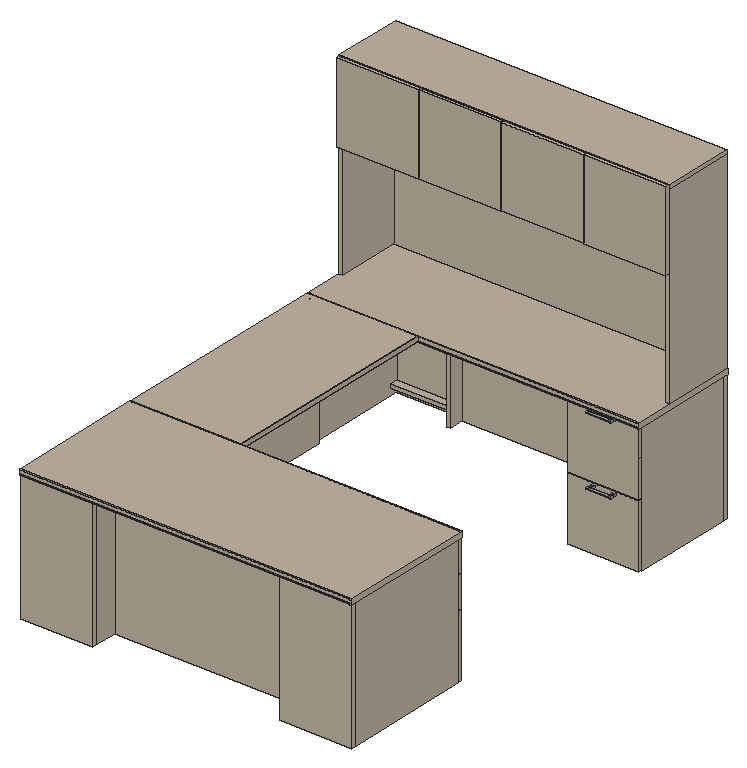
Revit family "JSI-Vision-Typical_Laminate-VST119", category Furniture, Revit 2020
Family settings
  OmniClass Number = 23.40.20.00
  OmniClass Title = General Furniture and Specialties
  Work Plane-Based = No
  Always vertical = Yes
  Cut with Voids When Loaded = No
  Shared = No
  Room Calculation Point = No
Parameters (values of type "VST119")
  URL = "www.jsifurniture.com"
  Type Comments = "Typical Laminate"  # constant formula
  Model = "VST119"
  Manufacturer = "JSI"  # constant formula
  Keynote = "12500"
  Default Elevation = 0"
  Assembly Code = "E2020200"
Reference planes (in)
  plane 1 "Center Front/Back": y = 0
  plane 2: z = 0
  plane 3 "Center Left/Right": x = 0
Dimensions and locks (in)
  aligned and locked: level to plane 2
Nested families (in)
  nested 1: "JSI-Vision-Overhead_Cabinets" at (0, 0, -0.813), type "VST1672SO, Laminate OH Cab. 16" x 72", 4 Doors"
    with Verticall Partition Distance 35 3/4", Unit Centre 36", Width 72", Door Width Actual 17 25/32", Door Array Spacing 17 29/32", Door Width 17 25/32", # of Doors 4
  nested 2: "JSI-Vision-File_File_Credenza" at (36.06413, -10.75, 0), type "VST2472RC, Laminate 24 x 72 FF Ped Credenza Right"
    with Width 72", Panel R 23 1/16", Panel L 23 3/4", Panel FF 56 1/4", LR no, Height 30", Grommet angle 270.00°, Panel B 15", Grommet 56 79/128", Depth chassis 24", Depth 24", FF 56 5/16"
  nested 3: "JSI-Vision-Single_Pedestal_Desk-Break_Front_Modesty" at (35.93587, -91.25, 0) x (-1, 0, 0) z (0, 0, 1), type "VST3072LD, Laminate 30 x 72 Left Ped Desk, Brk Frnt Modesty"
    with Width 72", Height 29.187", Panel FF 56 1/4"
  nested 4: "JSI-Vision-Bridge_Modesty_Panel" at (0, -72, 0) x (0, 1, 0) z (0, 0, 1), type "VST2448EB, Bridge w/Modesty Panel 24"d x 48"w"
Definition of nested family "JSI-Vision-Overhead_Cabinets"
  Parameters (values of type "Overhead Cab. Doors - Type Catalog Family")
    Verticall Partition Distance = (Door Width * 2) + 3/16"  # 29 13/16"
    Unit Centre = Width / 2  # 45"
    Top = none
    Width = 90"
    URL = "www.jsifurniture.com"
    Type Comments = ""
    Tag = "6 Doors"
    Series = "Vision Casegoods"  # constant formula
    Right Vertical Partition = yes
    Overhead Height = 26 1/2"
    OH Elevation = 30"
    Model = "Type Catalog"
    Material = ""
    Manufacturer = "JSI"  # constant formula
    Left Vertical Partition = yes
    Keynote = "12500"  # constant formula
    JSI Enviromental Website = "http://www.jsifurniture.com/jsi_sustainability_intro.php"
    Height = 42"
    Grommet Finish = none
    Gromett Height = OH Elevation + 24 5/8"  # 54 5/8"
    Door Width Actual = if(# of Doors > 4, ((Width - 1 1/8") / # of Doors), if(# of Doors > 3, (((Width - 1 1/8") / # of Doors) + 1/16"), if(# of Doors > 2, (((Width - 1 1/8") / # of Doors) + 1/8"), (((Width - 1 1/8") / # of Doors) + 1/4"))))  # 14 13/16"
    Door Array Spacing = Door Width + 1/8"  # 14 15/16"
    Door Width = Door Width Actual  # 14 13/16"
    Door Front = none
    Description = "Type Catalog"
    Depth = 16"
    Default Elevation = 0"
    Chassis = none
    Assembly Code = "E2020200"
    # of Doors = if(Width > 89", 6, (if(Width > 53", 4, (if(Width > 41", 3, (if(Width > 30", 2, 2)))))))  # 6
  Reference planes (in)
    plane 1 "Center Front/Back": y = 0
    plane 2: z = 0
    plane 3 "Center Left/Right": x = 0
    plane 4 "a": z = 0
    plane 5: y = -0.125
    plane 6: x = 90
    plane 7: x = 0.125
    plane 8: x = 89.875
    plane 9: y = -15.5625
    plane 10: y = -16
    plane 11: z = 72.5
    plane 12: z = 72
    plane 13: x = 0.875
    plane 14: x = 89.125
    plane 15: y = -0.875
    plane 16: y = -0.9375
    plane 17: y = -1.6875
    plane 18: z = 71.75
    plane 19: z = 56.5
    plane 20: z = 57.25
    plane 21: z = 55
    plane 22: y = -14.8125
    plane 23: y = -14.0625
    plane 24: x = 0.25
    plane 25: x = 89.75
    plane 26: z = 72.4375
    plane 27: z = 55.1875
    plane 28: y = -15.6875
    plane 29: y = -16.4375
    plane 30: x = 45
    plane 31: x = 30.0625
    plane 32: x = 59.9375
    plane 33: x = 29.6875
    plane 34: x = 30.4375
    plane 35: x = 59.5625
    plane 36: x = 60.3125
    plane 37 "Not a Reference": x = 6.875
    plane 38: x = 83.125
    plane 39: z = 30
  Forms (in)
    Extrusion 1, solid, material <- "Chassis"
      sketch origin (0, 0, 0) x (1, 0, 0) y (0, 1, 0)
        loop
          line (0.125, -0.125) -> (0.125, -15.5625) -> (0.875, -15.5625) -> (0.875, -0.125) -> (0.125, -0.125)
      from 30 to 71.75
    Extrusion 2, solid, material <- "Chassis"
      sketch origin (0, 0, 0) x (1, 0, 0) y (0, 1, 0)
        loop
          line (89.875, -0.125) -> (89.125, -0.125) -> (89.125, -15.5625) -> (89.875, -15.5625) -> (89.875, -0.125)
      from 30 to 71.75
    Extrusion 3, solid, material <- "Door Front"
      sketch origin (0, 0, 0) x (1, 0, 0) y (0, 0, 1)
        loop
          line (0.125, 72.5) -> (0.125, 71.75) -> (89.875, 71.75) -> (89.875, 72.5) -> (0.125, 72.5)
      from 0.125 to 15.5625
    Extrusion 4, solid, material <- "Chassis"
      sketch origin (0, 0, 0) x (1, 0, 0) y (0, 0, 1)
        loop
          line (0.875, 57.25) -> (0.875, 56.5) -> (89.125, 56.5) -> (89.125, 57.25) -> (0.875, 57.25)
      from 1.6875 to 15.5625
    Extrusion 5, solid, material <- "Chassis"
      sketch origin (0, 0, 0) x (1, 0, 0) y (0, 1, 0)
        loop
          line (0.875, -14.0625) -> (0.875, -14.8125) -> (89.125, -14.8125) -> (89.125, -14.0625) -> (0.875, -14.0625)
      from 55 to 56.5
    Extrusion 6, solid, material <- "Door Front"
      sketch origin (-3, 0, 18) x (1, 0, 0) y (0, 1, 0)
        loop
          line (3.25, -15.6875) -> (3.25, -16.4375) -> (18.0625, -16.4375) -> (18.0625, -15.6875) -> (3.25, -15.6875)
      from 37.1875 to 54.4375
    Extrusion 7, solid, material <- "Door Front"
      sketch origin (11.9375, 0, 18) x (1, 0, 0) y (0, 1, 0)
        loop
          line (3.25, -15.6875) -> (3.25, -16.4375) -> (18.0625, -16.4375) -> (18.0625, -15.6875) -> (3.25, -15.6875)
      from 37.1875 to 54.4375
    Extrusion 8, solid, material <- "Chassis", visible <- "Left Vertical Partition"
      sketch origin (0, 0, 0) x (1, 0, 0) y (0, 1, 0)
        loop
          line (29.6875, -1.6875) -> (29.6875, -15.5625) -> (30.4375, -15.5625) -> (30.4375, -1.6875) -> (29.6875, -1.6875)
      from 57.25 to 71.75
    Extrusion 9, solid, material <- "Chassis", visible <- "Right Vertical Partition"
      sketch origin (0, 0, 0) x (1, 0, 0) y (0, 1, 0)
        loop
          line (59.5625, -1.6875) -> (59.5625, -15.5625) -> (60.3125, -15.5625) -> (60.3125, -1.6875) -> (59.5625, -1.6875)
      from 57.25 to 71.75
    Extrusion 10, solid, material <- "Chassis"
      sketch origin (130.61992, -0.9375, 48) x (1, 0, 0) y (0, 0, 1)
        loop
          line (-129.74492, 23.75) -> (-129.74492, -18) -> (-41.49492, -18) -> (-41.49492, 23.75) -> (-129.74492, 23.75)
        loop
          circle (-120.11946, 7.90657) r 0.33443
        loop
          circle (-51.12039, 7.90657) r 0.33443
      from 0 to 0.75
    Extrusion 11, solid, material <- "Door Front"
      sketch origin (26.875, 0, 18) x (1, 0, 0) y (0, 1, 0)
        loop
          line (3.25, -15.6875) -> (3.25, -16.4375) -> (18.0625, -16.4375) -> (18.0625, -15.6875) -> (3.25, -15.6875)
      from 37.1875 to 54.4375
    Extrusion 12, solid, material <- "Door Front"
      sketch origin (41.8125, 0, 18) x (1, 0, 0) y (0, 1, 0)
        loop
          line (3.25, -15.6875) -> (3.25, -16.4375) -> (18.0625, -16.4375) -> (18.0625, -15.6875) -> (3.25, -15.6875)
      from 37.1875 to 54.4375
    Extrusion 13, solid, material <- "Door Front"
      sketch origin (56.75, 0, 18) x (1, 0, 0) y (0, 1, 0)
        loop
          line (3.25, -15.6875) -> (3.25, -16.4375) -> (18.0625, -16.4375) -> (18.0625, -15.6875) -> (3.25, -15.6875)
      from 37.1875 to 54.4375
    Extrusion 14, solid, material <- "Door Front"
      sketch origin (71.6875, 0, 18) x (1, 0, 0) y (0, 1, 0)
        loop
          line (3.25, -15.6875) -> (3.25, -16.4375) -> (18.0625, -16.4375) -> (18.0625, -15.6875) -> (3.25, -15.6875)
      from 37.1875 to 54.4375
  Lines and regions (in)
    symbolic lines
      curve 1: line (0.125, -0.125, 0) -> (0.125, -15.5625, 0)
      curve 2: line (89.875, -0.125, 0) -> (0.125, -0.125, 0)
      curve 3: line (0.125, -15.5625, 0) -> (89.875, -15.5625, 0)
      curve 4: line (89.875, -15.5625, 0) -> (89.875, -0.125, 0)
      curve 5: line (0.25, -15.6875, 0) -> (15.0625, -15.6875, 0)
      curve 6: line (0.25, -16.4375, 0) -> (0.25, -15.6875, 0)
      curve 7: line (15.0625, -16.4375, 0) -> (0.25, -16.4375, 0)
      curve 8: line (15.0625, -15.6875, 0) -> (15.0625, -16.4375, 0)
      curve 9: line (15.1875, -15.6875, 0) -> (30, -15.6875, 0)
      curve 10: line (15.1875, -16.4375, 0) -> (15.1875, -15.6875, 0)
      curve 11: line (30, -16.4375, 0) -> (15.1875, -16.4375, 0)
      curve 12: line (30, -15.6875, 0) -> (30, -16.4375, 0)
      curve 13: line (30.125, -15.6875, 0) -> (44.9375, -15.6875, 0)
      curve 14: line (30.125, -16.4375, 0) -> (30.125, -15.6875, 0)
      curve 15: line (44.9375, -16.4375, 0) -> (30.125, -16.4375, 0)
      curve 16: line (44.9375, -15.6875, 0) -> (44.9375, -16.4375, 0)
      curve 17: line (45.0625, -15.6875, 0) -> (59.875, -15.6875, 0)
      curve 18: line (45.0625, -16.4375, 0) -> (45.0625, -15.6875, 0)
      curve 19: line (59.875, -16.4375, 0) -> (45.0625, -16.4375, 0)
      curve 20: line (59.875, -15.6875, 0) -> (59.875, -16.4375, 0)
      curve 21: line (60, -15.6875, 0) -> (74.8125, -15.6875, 0)
      curve 22: line (60, -16.4375, 0) -> (60, -15.6875, 0)
      curve 23: line (74.8125, -16.4375, 0) -> (60, -16.4375, 0)
      curve 24: line (74.8125, -15.6875, 0) -> (74.8125, -16.4375, 0)
      curve 25: line (74.9375, -15.6875, 0) -> (89.75, -15.6875, 0)
      curve 26: line (74.9375, -16.4375, 0) -> (74.9375, -15.6875, 0)
      curve 27: line (89.75, -16.4375, 0) -> (74.9375, -16.4375, 0)
      curve 28: line (89.75, -15.6875, 0) -> (89.75, -16.4375, 0)
  Dimensions and locks (in)
    plane 3 "Center Left/Right" to plane 7 to plane 24 = 1/8" locked, 1/8" locked
    plane 25 to plane 8 to plane 6 = 1/8" locked, 1/8" locked
    locked: plane 5 to plane 1 "Center Front/Back" at 0.125
    plane 10 to plane 9 to plane 22 to plane 23 = 7/16" locked, 3/4" locked, 3/4" locked
    "Width": plane 3 "Center Left/Right" to plane 6
    "Depth": plane 10 to plane 1 "Center Front/Back"
    locked: plane 11 to plane 12 at 0.5
    locked: plane 7 to plane 13 at 0.75
    locked: plane 14 to plane 8 at 0.75
    locked: plane 15 to plane 5 at 0.75
    plane 17 to plane 16 to plane 5 = 3/4" locked, 13/16" locked
    locked: plane 11 to plane 18 at 0.75
    plane 20 to plane 19 to plane 21 = 3/4" locked, 1 1/2" locked
    plane 18 to plane 20 = 14 1/2"
    locked: plane 11 to plane 26 at 0.0625
    locked: plane 27 to plane 21 at 0.1875
    plane 29 to plane 28 to plane 9 = 3/4" locked, 1/8" locked
    "Door Width": Extrusion 6 sketch curve to Extrusion 6 sketch curve
    "Door Width": Extrusion 7 sketch curve to Extrusion 7 sketch curve
    equal spacing: group 1, group 2, group 3, group 4, group 5, group 6  (x3)
    "Door Array Spacing": Extrusion 6 to Extrusion 7
    "Verticall Partition Distance": plane 24 to plane 31
    plane 33 to plane 31 to plane 34 = 3/8" locked, 3/8" locked
    plane 35 to plane 32 to plane 36 = 3/8" locked, 3/8" locked
    "Verticall Partition Distance": plane 32 to plane 25
    "Unit Centre": plane 3 "Center Left/Right" to plane 30
    locked: plane 13 to plane 37 "Not a Reference" at 6
    locked: plane 38 to plane 14 at 6
    "Door Width": Extrusion 11 sketch curve to Extrusion 11 sketch curve
    "Door Width": Extrusion 12 sketch curve to Extrusion 12 sketch curve
    "OH Elevation": plane 39 to plane 4 "a"
    "Height": plane 12 to plane 39
    "Overhead Height": plane 19 to plane 39
    "Door Width": Extrusion 13 sketch curve to Extrusion 13 sketch curve
    "Door Width": Extrusion 14 sketch curve to Extrusion 14 sketch curve
    locked: Extrusion 10 sketch curve to Extrusion 10 sketch curve at 9.62546  (x2)
    locked: Extrusion 10 sketch curve to Extrusion 10 sketch curve at 15.84343  (x2)
    aligned and locked: level to plane 2
    aligned and locked: plane 5 to Extrusion 1 sketch curve
    aligned and locked: plane 7 to Extrusion 1 sketch curve
    aligned and locked: Extrusion 1 sketch curve to plane 13
    aligned and locked: Extrusion 2 sketch curve to plane 5
    aligned and locked: plane 8 to Extrusion 2 sketch curve
    aligned and locked: Extrusion 2 sketch curve to plane 14
    aligned and locked: Extrusion 3 sketch curve to plane 11
    aligned and locked: plane 7 to Extrusion 3 sketch curve
    aligned and locked: Extrusion 3 to plane 5
    aligned and locked: plane 9 to Extrusion 1
    aligned and locked: plane 9 to Extrusion 2
    aligned and locked: plane 9 to Extrusion 3
    aligned and locked: Extrusion 4 sketch curve to plane 20
    aligned and locked: plane 13 to Extrusion 4 sketch curve
    aligned and locked: plane 19 to Extrusion 4 sketch curve
    aligned and locked: Extrusion 4 sketch curve to plane 14
    aligned and locked: Extrusion 4 to plane 17
    aligned and locked: plane 9 to Extrusion 4
    aligned and locked: plane 23 to Extrusion 5 sketch curve
    aligned and locked: plane 13 to Extrusion 5 sketch curve
    aligned and locked: Extrusion 5 sketch curve to plane 22
    aligned and locked: Extrusion 5 sketch curve to plane 14
    aligned and locked: plane 19 to Extrusion 5
    aligned and locked: Extrusion 5 to plane 21
    aligned and locked: plane 26 to Extrusion 6
    aligned and locked: Extrusion 6 to plane 24
    aligned and locked: plane 17 to Extrusion 8 sketch curve
    aligned and locked: plane 33 to Extrusion 8 sketch curve
    aligned and locked: Extrusion 8 sketch curve to plane 9
    aligned and locked: Extrusion 8 sketch curve to plane 34
    aligned and locked: plane 17 to Extrusion 9 sketch curve
    aligned and locked: plane 35 to Extrusion 9 sketch curve
    aligned and locked: Extrusion 9 sketch curve to plane 9
    aligned and locked: Extrusion 9 sketch curve to plane 36
    aligned and locked: plane 18 to Extrusion 8
    aligned and locked: Extrusion 8 to plane 20
    aligned and locked: plane 18 to Extrusion 9
    aligned and locked: Extrusion 9 to plane 20
    aligned and locked: Extrusion 1 to Extrusion 10 sketch curve
    aligned and locked: Extrusion 10 sketch curve to Extrusion 1
    aligned and locked: Extrusion 2 to Extrusion 10 sketch curve
    aligned and locked: Extrusion 10 to plane 16
    aligned and locked: plane 17 to Extrusion 10
    aligned and locked: plane 30 to nested 1
    aligned and locked: plane 29 to nested 1
    aligned and locked: plane 26 to Extrusion 7
    aligned and locked: plane 18 to Extrusion 1
    aligned and locked: plane 18 to Extrusion 2
    aligned and locked: Extrusion 6 to plane 27
    aligned and locked: curve 1 to Extrusion 3
    aligned and locked: curve 2 to Extrusion 3
    aligned and locked: curve 3 to Extrusion 3
    aligned and locked: curve 4 to Extrusion 3
    aligned and locked: Extrusion 1 to plane 39
    aligned and locked: Extrusion 2 to plane 39
    aligned and locked: curve 5 to Extrusion 6
    aligned and locked: curve 6 to Extrusion 6
    aligned and locked: curve 7 to Extrusion 6
    aligned and locked: curve 8 to Extrusion 6
    aligned and locked: curve 9 to Extrusion 7
    aligned and locked: curve 10 to Extrusion 7
    aligned and locked: curve 11 to Extrusion 7
    aligned and locked: curve 12 to Extrusion 7
    aligned and locked: curve 13 to Extrusion 11
    aligned and locked: curve 14 to Extrusion 11
    aligned and locked: curve 15 to Extrusion 11
    aligned and locked: curve 16 to Extrusion 11
    aligned and locked: curve 17 to Extrusion 12
    aligned and locked: curve 18 to Extrusion 12
    aligned and locked: curve 19 to Extrusion 12
    aligned and locked: curve 20 to Extrusion 12
    aligned and locked: curve 21 to Extrusion 13
    aligned and locked: curve 22 to Extrusion 13
    aligned and locked: curve 23 to Extrusion 13
    aligned and locked: curve 24 to Extrusion 13
    aligned and locked: curve 25 to Extrusion 14
    aligned and locked: curve 26 to Extrusion 14
    aligned and locked: curve 27 to Extrusion 14
    aligned and locked: curve 28 to Extrusion 14
  Automatic sketch dimensions
    Extrusion 1 sketch curve to plane 10 = 7/16"
    Extrusion 3 sketch curve to plane 8 = 0"
    Extrusion 3 sketch curve to plane 18 = 0"
    plane 9 to Extrusion 2 sketch curve = 0"
    Extrusion 6 sketch curve to Extrusion 6 sketch curve = 3/4"
    Extrusion 7 sketch curve to Extrusion 7 sketch curve = 3/4"
    Extrusion 11 sketch curve to Extrusion 11 sketch curve = 3/4"
    Extrusion 12 sketch curve to Extrusion 12 sketch curve = 3/4"
    curve 6 to curve 7 = 14 13/16"
    curve 6 to curve 6 = 3/4"
    curve 10 to curve 11 = 14 13/16"
    curve 10 to curve 10 = 3/4"
    curve 14 to curve 15 = 14 13/16"
    curve 14 to curve 14 = 3/4"
    curve 18 to curve 19 = 14 13/16"
    curve 18 to curve 18 = 3/4"
    Extrusion 13 sketch curve to Extrusion 13 sketch curve = 3/4"
    curve 22 to curve 23 = 14 13/16"
    curve 22 to curve 22 = 3/4"
    Extrusion 14 sketch curve to Extrusion 14 sketch curve = 3/4"
    curve 26 to curve 27 = 14 13/16"
    curve 26 to curve 26 = 3/4"
    Extrusion 10 sketch curve to plane 39 = 0"
    radius of Extrusion 10 sketch curve = 0.33443"  (x2)
  Nested families (in)
    nested 1: "Label 1-16 OH" at (45, -16.4375, 0), type "OH DOORS"
  Definition of nested family "Label 1-16 OH"
    Parameters
      Width = 1"
      Model Name = "XX"
    Reference planes (in)
      plane 1: y = 0
      plane 2: x = 0
    Text (in)
      label "XX" at (0.00051, -0.12324, 0), shows "Model Name"
Definition of nested family "JSI-Vision-File_File_Credenza"
  Parameters (values of type "Type Catalog")
    Worksurface = none
    Width = 60"
    URL = "www.jsifurniture.com"
    Type Comments = ""
    Tag = "FF"  # constant formula
    Series = "Vision Casegoods"  # constant formula
    Pull Finish = none
    Panel R = if(LR, Depth - 1/4", Depth - 15/16")  # 19 3/4"
    Panel L = if(LR, Depth - 15/16", Depth - 1/4")  # 19 1/16"
    Panel FF = if(LR, 15", Width - 15 3/4")  # 15"
    Model = "Type Catalog"
    Material = ""
    Manufacturer = "JSI"  # constant formula
    LR = yes
    Keynote = "12500"
    JSI Enviromental Website = "http://www.jsifurniture.com/jsi_sustainability_intro.php"
    Height = 29 3/16"
    Grommet angle = if(LR, 90.00°, 270.00°)  # 90.00°
    Grommet Finish = none
    Panel B = if(LR, Width - 15 3/4", 15")  # 44 1/4"
    Grommet = if(LR, 14 1/2", Width - 15 49/128")  # 14 1/2"
    Drawer Front = none
    Description = "Type Catalog"
    Depth chassis = Depth  # 20"
    Depth = 20"
    Default Elevation = 0"
    Chassis = none
    FF = if(LR, 3/16", Width - 15 3/4" + 1/16")  # 3/16"
    Assembly Code = "E2020200"
  Reference planes (in)
    plane 1: z = 0
    plane 2 "Center (Left/Right)": x = -36.06413
    plane 3: z = 29.1875
    plane 4: z = 28
    plane 5: y = -9.25
    plane 6 "Center (Front/Back)": y = 10.75
    plane 7: y = 10.625
    plane 8: y = 10.75
    plane 9: x = -6.06413
    plane 10: x = 23.93587
    plane 11: y = 10.56003
    plane 12: x = -20.31413
    plane 13: x = 8.18587
    plane 14: y = -8.37
    plane 15: x = 15.93587
    plane 16: x = -28.12663
    plane 17: x = 23.81086
    plane 18: x = -35.93913
    plane 19: y = 8.875
    plane 20: y = 4.875
    plane 21: y = 9.8125
    plane 22: y = -8.31113
    plane 23: x = 8.18587
    plane 24: x = -35.87663
    plane 25: x = -20.37636
    plane 26: x = 23.68487
    plane 27: x = -21.56413
    plane 28: y = 6.875
    plane 29: y = -9
    plane 30: y = -8.3125
  Forms (in)
    Extrusion 1, solid, material <- "Worksurface"
      sketch origin (0, 0, -0.8125) x (1, 0, 0) y (0, 1, 0)
        loop
          line (-36.06413, -9.125) -> (23.93587, -9.125) -> (23.93587, 10.625) -> (-36.06413, 10.625) -> (-36.06413, -9.125)
      from 28.8125 to 30
    Extrusion 2, solid, material <- "Drawer Front"
      sketch origin (-0.00163, 0.13, 0) x (1, 0, 0) y (0, 0, 1)
        loop
          line (-35.875, 27.875) -> (-35.875, 21.26593) -> (-35.875, 14.062) -> (-20.37473, 14.062) -> (-20.37473, 21.26593) -> (-20.37473, 27.875) -> (-35.875, 27.875)
        loop
          line (-35.875, 13.937) -> (-35.875, 0.14) -> (-20.37473, 0.14) -> (-20.37473, 13.937) -> (-35.875, 13.937)
      from 8.5 to 9.25
    Extrusion 3, solid, material <- "Chassis"
      sketch origin (-0.06413, 0, 0) x (0, 1, 0) y (0, 0, 1)
        loop
          line (-8.3125, 28) -> (-8.3125, 0) -> (9.81003, 0) -> (9.81003, 28) -> (-8.3125, 28)
      from -35.875 to -35.125
    Extrusion 4, solid, material <- "Chassis"
      sketch origin (-0.06413, 0.034, 0) x (1, 0, 0) y (0, 0, 1)
        loop
          line (-35.125, 1.9375) -> (-35.125, 0) -> (-21, 0) -> (-21, 1.9375) -> (-35.125, 1.9375)
      from 7.59513 to 8.34513
    Extrusion 5, solid, material <- "Chassis"
      sketch origin (-0.06029, 0, 0) x (0, 1, 0) y (0, 0, -1)
        loop
          line (-9, -28) -> (9.8125, -28) -> (9.8125, 0) -> (-9, 0) -> (-9, -28)
      from -23.87116 to -23.12116
    Sweep 6, solid, material <- "Worksurface"
      path in 3D
        loop
          line (-36.06413, -9.125, 29.1875) -> (23.93587, -9.125, 29.1875)
      profile origin (-6.06413, -9.125, 29.1875) x (0, 1, 0) y (0, 0, 1)
        loop
          arc (0, 0) -> (-0.08839, -0.03661) -> (-0.125, -0.125) r 0.125
          line (-0.125, -0.125) -> (-0.125, -1.0625)
          arc (-0.125, -1.0625) -> (-0.08839, -1.15089) -> (0, -1.1875) r 0.125
          line (0, -1.1875) -> (0, 0)
    Extrusion 7, solid, material <- "Chassis"
      sketch origin (-0.06413, 28.15516, 0) x (1, 0, 0) y (0, 0, 1)
        loop
          line (-35.875, 28) -> (-35.875, 0) -> (-20.25, 0) -> (-20.25, 28) -> (-35.875, 28)
      from 17.59513 to 18.34266
    Extrusion 8, solid, material <- "Chassis"
      sketch origin (57.45899, 0, 0) x (0, 1, 0) y (0, 0, -1)
        loop
          line (-8.31113, -28) -> (9.8125, -28) -> (9.8125, 0) -> (-8.31113, 0) -> (-8.31113, -28)
      from 77.77312 to 78.52312
    Extrusion 9, solid, material <- "Chassis"
      sketch origin (-0.06413, 28.15516, 0) x (-1, 0, 0) y (0, 0, -1)
        loop
          line (-23.875, -28) -> (-8.25, -28) -> (-8.25, 0) -> (-23.875, 0) -> (-23.875, -28)
      from 17.59513 to 18.34266
    Sweep 10, solid, material <- "Worksurface"
      path in 3D
        loop
          line (23.93587, 10.625, 29.1875) -> (-36.06413, 10.625, 29.1875)
      profile origin (-6.06413, 10.625, 29.1875) x (0, -1, 0) y (0, 0, 1)
        loop
          arc (0, 0) -> (-0.08839, -0.03661) -> (-0.125, -0.125) r 0.125
          line (-0.125, -0.125) -> (-0.125, -1.0625)
          arc (-0.125, -1.0625) -> (-0.08839, -1.15089) -> (0, -1.1875) r 0.125
          line (0, -1.1875) -> (0, 0)
    Extrusion 11, solid, material <- "Chassis"
      sketch origin (0, 0, 0) x (1, 0, 0) y (0, 0, 1)
        loop
          line (8.93587, 2.5) -> (8.93587, 1.75) -> (23.06086, 1.75) -> (23.06086, 2.5) -> (8.93587, 2.5)
      from -9.8125 to -7.9375
    Extrusion 12, solid, material <- "Chassis"
      sketch origin (0, 0, 0) x (0, 1, 0) y (0, 0, 1)
        loop
          line (9.8125, 28) -> (5.875, 28) -> (5.875, 0) -> (9.8125, 0) -> (9.8125, 28)
      from 8.18587 to 8.93587
    Extrusion 13, solid, material <- "Chassis"
      sketch origin (-12.12827, 0, 0) x (-1, 0, 0) y (0, 0, -1)
        loop
          line (8.93587, -2.5) -> (23.06086, -2.5) -> (23.06086, -1.75) -> (8.93587, -1.75) -> (8.93587, -2.5)
      from -9.8125 to -7.9375
    Extrusion 14, solid, material <- "Chassis"
      sketch origin (0, 0.03248, 0) x (1, 0, 0) y (0, 0, 1)
        loop
          line (-6.49921, 28) -> (-20.31413, 28) -> (-20.31413, 0) -> (8.18587, 0) -> (8.18587, 28) -> (-6.49921, 28)
      from -9.78002 to -9.03002
  Cuts and joins
    joined: Extrusion 1, Sweep 6, Sweep 10
  Lines and regions (in)
    sketch lines
      curve 1: line (-36.06413, -9.125, 29.1875) -> (23.93587, -9.125, 29.1875)
      curve 10: line (23.93587, 10.625, 29.1875) -> (-36.06413, 10.625, 29.1875)
    symbolic lines
      curve 2: line (23.93587, -9.25, 0) -> (-36.06413, -9.25, 0)
      curve 3: line (23.93587, -9.25, 0) -> (23.93587, 10.75, 0)
      curve 4: line (-36.06413, 10.75, 0) -> (-36.06413, -9.25, 0)
      curve 5: line (-20.31413, 10.56003, 0) -> (-35.93913, 10.56003, 0)
      curve 6: line (-20.37636, -8.37, 0) -> (-35.87663, -8.37, 0)
      curve 7: line (-20.37636, -9.12, 0) -> (-20.37636, -8.37, 0)
      curve 8: line (-35.87663, -9.12, 0) -> (-20.37636, -9.12, 0)
      curve 9: line (-35.87663, -8.37, 0) -> (-35.87663, -9.12, 0)
      curve 11: line (-36.06413, 10.75, 0) -> (23.93587, 10.75, 0)
      curve 12: line (-20.31413, -8.31113, 0) -> (-20.31413, 9.8125, 0)
      curve 13: line (-21.06413, -8.31113, 0) -> (-20.31413, -8.31113, 0)
      curve 14: line (23.81086, 10.56003, 0) -> (8.18587, 10.56003, 0)
      curve 15: line (8.18587, 10.56003, 0) -> (8.18587, 9.8125, 0)
      curve 16: line (8.18587, 9.8125, 0) -> (8.18587, 5.875, 0)
      curve 17: line (8.18587, 5.875, 0) -> (8.93587, 5.875, 0)
      curve 18: line (8.93587, 5.875, 0) -> (8.93587, 9.8125, 0)
      curve 19: line (-35.93913, -8.3125, 0) -> (-35.18913, -8.3125, 0)
      curve 20: line (-35.18913, -8.3125, 0) -> (-35.18913, 9.8125, 0)
      curve 21: line (-35.93913, 10.56003, 0) -> (-35.93913, -8.3125, 0)
      curve 22: line (23.06086, 9.8125, 0) -> (23.06086, -9, 0)
      curve 23: line (23.81086, -9, 0) -> (23.81086, 10.56003, 0)
      curve 24: line (23.06086, -9, 0) -> (23.81086, -9, 0)
      curve 25: line (-20.31413, 9.8125, 0) -> (-20.31413, 10.56003, 0)
      curve 26: line (-21.06413, 9.8125, 0) -> (-21.06413, -8.31113, 0)
      curve 27: line (23.81086, 9.8125, 0) -> (-35.93913, 9.8125, 0)
  Dimensions and locks (in)
    "Height": plane 3 to level
    locked: plane 3 to plane 4 at 1.1875
    "Depth": plane 6 "Center (Front/Back)" to plane 5
    locked: plane 7 to plane 6 "Center (Front/Back)" at 0.125
    equal spacing: plane 2 "Center (Left/Right)", plane 9, plane 10
    "Width": plane 2 "Center (Left/Right)" to plane 10
    locked: plane 8 to plane 11 at 0.18997
    "Depth chassis": plane 8 to plane 5
    locked: plane 2 "Center (Left/Right)" to plane 12 at 15.75
    locked: plane 13 to plane 10 at 15.75
    locked: Extrusion 4 to plane 14 at 0.80887
    locked: plane 14 to plane 5 at 0.88
    locked: plane 17 to plane 10 at 0.125
    locked: Extrusion 5 to Extrusion 5 at 0.75
    locked: Extrusion 3 to Extrusion 3 at 0.75
    locked: plane 19 to plane 20 at 4
    plane 22 to plane 5 = 0.93887"
    locked: plane 8 to plane 21 at 0.9375
    "Panel B": plane 2 "Center (Left/Right)" to plane 23
    locked: plane 23 to plane 15 at 7.75
    "FF": plane 2 "Center (Left/Right)" to plane 24
    locked: Extrusion 4 to Extrusion 4 at 0.75
    locked: plane 24 to plane 16 at 7.75
    locked: Extrusion 2 to Extrusion 2 at 0.75
    plane 8 to plane 20 = 5 7/8"
    Extrusion 7 to Extrusion 7 = 0.74753"
    Extrusion 8 to Extrusion 8 = 3/4"
    Extrusion 9 to Extrusion 9 = 0.74753"
    locked: plane 24 to plane 25 at 15.50027
    locked: plane 23 to plane 26 at 15.499
    plane 24 to Extrusion 4 to Extrusion 4 = 11/16" locked, 14 1/8" locked
    "Panel FF": plane 2 "Center (Left/Right)" to Extrusion 8
    locked: Extrusion 8 to Extrusion 8 at 0.75
    "Grommet": plane 2 "Center (Left/Right)" to plane 27
    equal spacing: plane 19, plane 28, plane 20
    "Panel B": plane 2 "Center (Left/Right)" to Extrusion 12
    locked: Extrusion 12 to Extrusion 12 at 3.9375
    locked: Extrusion 12 to Extrusion 12 at 0.75
    locked: Extrusion 11 to Extrusion 11 at 14.125
    locked: Extrusion 13 to Extrusion 13 at 14.125  (x2)
    locked: Extrusion 14 to Extrusion 14 at 0.75
    "Panel R": plane 29 to plane 6 "Center (Front/Back)"
    "Panel L": plane 8 to plane 30
    Extrusion 2 sketch curve to Extrusion 2 sketch curve to Extrusion 2 sketch curve to plane 1 = 1/8", 13.797", 0.14" locked
    locked: plane 4 to Extrusion 2 sketch curve at 0.125
    locked: nested 1 to plane 1 at 13.18529
    locked: plane 4 to nested 2 at 0.875
    locked: plane 3 to plane 1 at 29.1875
    aligned and locked: level to plane 1
    aligned and locked: Extrusion 3 to Extrusion 4
    aligned and locked: plane 17 to Extrusion 5
    aligned and locked: Extrusion 3 to plane 18
    aligned and locked: Extrusion 4 to plane 22
    aligned and locked: Extrusion 4 to level
    aligned and locked: nested 2 to plane 16
    aligned and locked: nested 1 to plane 16
    aligned and locked: Extrusion 7 to plane 12
    aligned and locked: plane 4 to Extrusion 7
    aligned and locked: Extrusion 7 to plane 18
    aligned and locked: plane 18 to Extrusion 3
    aligned and locked: plane 11 to Extrusion 7
    aligned and locked: plane 22 to Extrusion 4
    aligned and locked: Extrusion 8 to plane 22
    aligned and locked: Extrusion 9 to plane 13
    aligned and locked: plane 17 to Extrusion 9
    aligned and locked: Extrusion 5 to plane 17
    aligned and locked: curve 5 to Extrusion 7
    aligned and locked: Extrusion 1 to plane 7
    aligned and locked: plane 11 to Extrusion 9
    aligned and locked: curve 3 to cut or joined group of Extrusion 1, Sweep 6, Sweep 10
    aligned and locked: curve 12 to Extrusion 8
    aligned and locked: curve 13 to Extrusion 8
    aligned and locked: plane 21 to Extrusion 9
    aligned and locked: plane 21 to Extrusion 12
    aligned and locked: plane 21 to Extrusion 11
    aligned and locked: Extrusion 11 to Extrusion 5
    aligned and locked: Extrusion 13 to Extrusion 3
    aligned and locked: curve 14 to Extrusion 9
    aligned and locked: curve 15 to Extrusion 9
    aligned and locked: Extrusion 12 to curve 16
    aligned and locked: curve 17 to Extrusion 12
    aligned and locked: curve 18 to Extrusion 12
    aligned and locked: Extrusion 3 to plane 30
    aligned and locked: curve 19 to Extrusion 3
    aligned and locked: curve 20 to Extrusion 3
    aligned and locked: curve 21 to Extrusion 3
    aligned and locked: Extrusion 5 to plane 29
    aligned and locked: curve 22 to Extrusion 5
    aligned and locked: curve 23 to Extrusion 5
    aligned and locked: curve 24 to Extrusion 5
    aligned and locked: curve 25 to Extrusion 7
    aligned and locked: plane 21 to Extrusion 8
    aligned and locked: plane 21 to Extrusion 5
    aligned and locked: Extrusion 7 to plane 21
    aligned and locked: curve 26 to Extrusion 8
    aligned and locked: nested 3 to plane 16
    aligned and locked: nested 3 to plane 5
    aligned and locked: curve 27 to Extrusion 14
    aligned and locked: plane 14 to Extrusion 2
    aligned and locked: Extrusion 2 to plane 14
    aligned and locked: Extrusion 2 to nested 1
    aligned and locked: Extrusion 2 to nested 2
  Automatic sketch dimensions
    Extrusion 1 sketch curve to plane 2 "Center (Left/Right)" = 0"
    Extrusion 1 sketch curve to plane 10 = 0"
    plane 7 to Extrusion 1 sketch curve = 0"
    plane 5 to Extrusion 1 sketch curve = 1/8"
    Extrusion 2 sketch curve to plane 24 = 0"  (x2)
    Extrusion 2 sketch curve to plane 25 = 0"  (x2)
    Extrusion 2 sketch curve to plane 4 = 6.73407"  (x2)
    Extrusion 3 sketch curve to plane 4 = 0"
    Extrusion 3 sketch curve to plane 22 = 0.00137"
    Extrusion 3 sketch curve to level = 0"
    Extrusion 3 sketch curve to plane 21 = 0.00247"
    Extrusion 4 sketch curve to level = 0"
    plane 27 to Extrusion 4 sketch curve = 13 5/8"
    Extrusion 4 sketch curve to plane 25 = 0.68777"
    level to Extrusion 4 sketch curve = 1 15/16"
    Extrusion 5 sketch curve to plane 4 = 0"
    Extrusion 5 sketch curve to plane 22 = 0.68887"
    Extrusion 5 sketch curve to level = 0"
    Extrusion 5 sketch curve to plane 21 = 0"
    Sweep 6 sketch curve to profile plane = 0"  (x2)
    profile plane to Sweep 6 sketch curve = 1/8"
    Sweep 6 sketch curve to Sweep 6 sketch curve = 15/16"
    Extrusion 7 sketch curve to level = 0"
    plane 18 to Extrusion 7 sketch curve = 0"
    plane 12 to Extrusion 7 sketch curve = 0"
    Extrusion 7 sketch curve to plane 4 = 0"
    Extrusion 8 sketch curve to plane 22 = 0"
    Extrusion 8 sketch curve to level = 0"
    Extrusion 8 sketch curve to plane 21 = 0"
    Extrusion 9 sketch curve to level = 0"
    Extrusion 9 sketch curve to plane 17 = 0"
    Extrusion 9 sketch curve to plane 13 = 0"
    Extrusion 9 sketch curve to plane 4 = 0"
    Sweep 10 sketch curve to profile plane = 0"  (x2)
    profile plane to Sweep 10 sketch curve = 1/8"
    Sweep 10 sketch curve to Sweep 10 sketch curve = 15/16"
    Extrusion 11 sketch curve to plane 27 = 30 1/2"
    plane 25 to Extrusion 11 sketch curve = 43.43723"
    level to Extrusion 11 sketch curve = 1 3/4"
    Extrusion 11 sketch curve to Extrusion 11 sketch curve = 3/4"
    Extrusion 12 sketch curve to level = 0"
    Extrusion 12 sketch curve to plane 21 = 0"
    Extrusion 12 sketch curve to plane 28 = 1"
    plane 4 to Extrusion 12 sketch curve = 0"
    Extrusion 13 sketch curve to plane 23 = 29 1/4"
    Extrusion 13 sketch curve to plane 18 = 3/4"
    level to Extrusion 13 sketch curve = 2 1/2"
    Extrusion 13 sketch curve to Extrusion 13 sketch curve = 3/4"
    Extrusion 14 sketch curve to level = 0"
    Extrusion 14 sketch curve to plane 4 = 0"
    Extrusion 14 sketch curve to plane 13 = 0"
    plane 9 to Extrusion 14 sketch curve = 0.43507"
    plane 12 to Extrusion 14 sketch curve = 0"
    curve 2 to plane 2 "Center (Left/Right)" = 0"
    curve 27 to plane 18 = 0"
    curve 9 to plane 14 = 0"
    curve 9 to plane 24 = 0"
    curve 20 to plane 30 = 0"
    curve 26 to plane 22 = 0"
    curve 7 to plane 25 = 0"
    curve 5 to plane 11 = 0"
    curve 5 to plane 12 = 0"
    curve 16 to plane 23 = 0"
    curve 15 to plane 11 = 0"
    curve 15 to plane 13 = 0"
    curve 24 to plane 29 = 0"
    curve 24 to plane 17 = 0"
    curve 2 to plane 5 = 0"
    plane 6 "Center (Front/Back)" to curve 11 = 0"
    plane 24 to curve 20 = 11/16"
    curve 26 to plane 27 = 1/2"
    plane 12 to curve 13 = 0"
    plane 13 to curve 17 = 3/4"
    curve 24 to plane 26 = 0.624"
    curve 8 to plane 29 = 0.12"
    curve 17 to plane 28 = 1"
    curve 25 to plane 21 = 0"
    Extrusion 8 sketch curve to plane 4 = 0"
  Nested families (in)
    nested 1: "Bar Pull" at (-28.12663, -9.12, 13.18529), Pull Finish <- "Pull Finish", type "PL"
      with Pull Finish none
    nested 2: "Bar Pull" at (-28.12663, -9.12, 27.125), Pull Finish <- "Pull Finish", type "PL"
      with Pull Finish none
    nested 3: "Label 1-16-FF" at (-28.12663, -9.25, 0), type "DRWCFG"
  Definition of nested family "Bar Pull"
    Parameters
      Pull Finish [instance] = none
      Default Elevation = 0"
    Reference planes (in)
      plane 1 "Center Front/Back": y = 0
      plane 2: z = 0
      plane 3 "Center Left/Right": x = 0
      plane 4: x = -2.68731
      plane 5: x = -1.88731
      plane 6: x = 2.68731
      plane 7: x = 1.88731
      plane 8: y = -1
      plane 9: y = -0.85202
    Forms (in)
      Extrusion 1, solid, material <- "Pull Finish"
        sketch origin (0, 0, 0) x (0, 1, 0) y (0, 0, 1)
          loop
            line (0, -0.2015) -> (0, 0.2015) -> (-0.85202, 0.2015)
            arc (-0.85202, 0.2015) -> (-0.75, 0) -> (-0.85202, -0.2015) r 0.25
            line (-0.85202, -0.2015) -> (0, -0.2015)
        from 1.88731 to 2.68731
      Extrusion 2, solid, material <- "Pull Finish"
        sketch origin (0, 0, 0) x (0, 1, 0) y (0, 0, 1)
          loop
            circle (-1, 0) r 0.25
        from -2.68731 to 2.68731
      Extrusion 3, solid, material <- "Pull Finish"
        sketch origin (0, 0, 0) x (0, 1, 0) y (0, 0, -1)
          loop
            line (0, 0.2015) -> (-0.85202, 0.2015)
            arc (-0.85202, 0.2015) -> (-0.75, 0) -> (-0.85202, -0.2015) r 0.25
            line (-0.85202, -0.2015) -> (0, -0.2015) -> (0, 0.2015)
        from 1.88731 to 2.68731
    Dimensions and locks (in)
      plane 4 to plane 5 to plane 3 "Center Left/Right" to plane 7 to plane 6 = 0.8" locked, 1.88731" locked, 1.88731" locked, 0.8" locked
      plane 8 to plane 9 to plane 1 "Center Front/Back" = 0.14798" locked, 0.85202" locked
      aligned and locked: level to plane 2
      aligned and locked: plane 4 to Extrusion 3
      aligned and locked: Extrusion 3 to plane 5
      aligned and locked: plane 4 to Extrusion 2
      aligned and locked: Extrusion 1 to plane 7
      aligned and locked: plane 6 to Extrusion 1
      aligned and locked: plane 6 to Extrusion 2
      aligned and locked: plane 8 to Extrusion 2 sketch curve
      aligned and locked: Extrusion 3 to plane 1 "Center Front/Back"
      aligned and locked: Extrusion 1 to plane 1 "Center Front/Back"
      aligned and locked: plane 5 to Extrusion 3
      aligned and locked: Extrusion 3 to plane 4
      aligned and locked: Extrusion 2 to plane 4
      aligned and locked: plane 7 to Extrusion 1
      aligned and locked: Extrusion 1 to plane 6
      aligned and locked: Extrusion 2 to plane 6
  Definition of nested family "Label 1-16-FF"
    Parameters
      Width = 1"
      Model Name = "FF"
    Reference planes (in)
      plane 1: y = 0
      plane 2: x = 0
    Text (in)
      label "XX" at (0.00051, -0.12324, 0), shows "Model Name"
Definition of nested family "JSI-Vision-Single_Pedestal_Desk-Break_Front_Modesty"
  Parameters (values of type "Sngl Ped Desk, Brk Frnt Mod - Type Catalog Family")
    Worksurface = none
    Width = 66"
    URL = "www.jsifurniture.com"
    Type Comments = ""
    Series = "Vision Casegoods"  # constant formula
    Pull Finish = none
    Panel BBF = if(LR, 15", Width - 15 3/4")  # 15"
    Model = "Type Catalog"
    Material = ""
    Manufacturer = "JSI"  # constant formula
    LR = yes
    Keynote = "12500"
    JSI Enviromental Website = "http://www.jsifurniture.com/jsi_sustainability_intro.php"
    Height = 29 3/16"
    Grommet angle = if(LR, 90.00°, 270.00°)  # 90.00°
    Grommet Finish = none
    Panel FF = if(LR, Width - 15 3/4", 15")  # 50 1/4"
    Grommet = if(LR, 14 1/2", Width - 15 49/128")  # 14 1/2"
    Drawer Front = none
    Description = "Type Catalog"
    Depth chassis = 30"  # constant formula
    Depth = 30"
    Default Elevation = 0"
    Chassis = none
    BBF = if(LR, 3/16", Width - 15 3/4")  # 3/16"
    Assembly Code = "E2020200"
  Reference planes (in)
    plane 1: z = 0
    plane 2 "Center (Left/Right)": x = -36.06413
    plane 3: z = 29.1875
    plane 4: z = 28
    plane 5: y = -19.25
    plane 6 "Center (Front/Back)": y = 10.75
    plane 7: y = 10.625
    plane 8: y = 10.75
    plane 9: x = -3.06413
    plane 10: x = 29.93587
    plane 11: y = 10.56003
    plane 12: x = -20.31413
    plane 13: x = 14.18587
    plane 14: y = -18.37
    plane 15: x = 21.93587
    plane 16: x = -28.12663
    plane 17: x = 29.81086
    plane 18: x = -35.93913
    plane 19: y = 3.55952
    plane 20: y = -0.44048
    plane 21: y = 4.56363
    plane 22: y = -18.31113
    plane 23: x = 14.18587
    plane 24: x = -35.87663
    plane 25: x = -20.37636
    plane 26: x = 29.68487
    plane 27: x = -21.56413
  Forms (in)
    Extrusion 1, solid, material <- "Worksurface"
      sketch origin (0, 0, -0.8125) x (1, 0, 0) y (0, 1, 0)
        loop
          line (-36.06413, -19.125) -> (29.93587, -19.125) -> (29.93587, 10.625) -> (-36.06413, 10.625) -> (-36.06413, -19.125)
      from 28.8125 to 30
    Extrusion 2, solid, material <- "Chassis"
      sketch origin (0, 3.75, 0) x (1, 0, 0) y (0, 1, 0)
        loop
          line (-20.31413, 0.81363) -> (-20.31413, 0.06363) -> (14.18587, 0.06363) -> (14.18587, 0.81363) -> (-20.31413, 0.81363)
      from 0 to 28
    Extrusion 3, solid, material <- "Drawer Front"
      sketch origin (-0.00163, 0.13, 0) x (1, 0, 0) y (0, 0, 1)
        loop
          line (-35.875, 27.89092) -> (-35.875, 21.04768) -> (-20.37473, 21.04768) -> (-20.37473, 27.89092) -> (-35.875, 27.89092)
        loop
          line (-35.875, 20.92218) -> (-35.875, 14.07843) -> (-20.37473, 14.07843) -> (-20.37473, 20.92218) -> (-35.875, 20.92218)
        loop
          line (-35.875, 13.95343) -> (-35.875, 0.14093) -> (-20.37473, 0.14093) -> (-20.37473, 13.95343) -> (-35.875, 13.95343)
      from 18.5 to 19.25
    Extrusion 4, solid, material <- "Chassis"
      sketch origin (-0.06413, 0, 0) x (0, 1, 0) y (0, 0, 1)
        loop
          line (-18.31113, 28) -> (-18.31113, 0) -> (9.81003, 0) -> (9.81003, 28) -> (-18.31113, 28)
      from -35.875 to -35.125
    Extrusion 5, solid, material <- "Chassis"
      sketch origin (-0.06413, 0.034, 0) x (1, 0, 0) y (0, 0, 1)
        loop
          line (-35.125, 1.9375) -> (-35.125, 0) -> (-21, 0) -> (-21, 1.9375) -> (-35.125, 1.9375)
      from 17.59513 to 18.34513
    Extrusion 6, solid, material <- "Chassis"
      sketch origin (-0.06029, 0, 0) x (0, 1, 0) y (0, 0, -1)
        loop
          line (-18.31113, -28) -> (9.81003, -28) -> (9.81003, 0) -> (-18.31113, 0) -> (-18.31113, -28)
      from -29.87116 to -29.12116
    Sweep 7, solid, material <- "Worksurface"
      path in 3D
        loop
          line (-36.06413, -19.125, 29.1875) -> (29.93587, -19.125, 29.1875)
      profile origin (-3.06413, -19.125, 29.1875) x (0, 1, 0) y (0, 0, 1)
        loop
          arc (0, 0) -> (-0.08839, -0.03661) -> (-0.125, -0.125) r 0.125
          line (-0.125, -0.125) -> (-0.125, -1.0625)
          arc (-0.125, -1.0625) -> (-0.08839, -1.15089) -> (0, -1.1875) r 0.125
          line (0, -1.1875) -> (0, 0)
    Extrusion 8, solid, material <- "Chassis"
      sketch origin (-0.06413, 28.15516, 0) x (1, 0, 0) y (0, 0, 1)
        loop
          line (-35.875, 28) -> (-35.875, 0) -> (-20.25, 0) -> (-20.25, 28) -> (-35.875, 28)
      from 17.59513 to 18.34513
    Extrusion 9, solid, material <- "Chassis"
      sketch origin (57.45899, 0, 0) x (0, 1, 0) y (0, 0, -1)
        loop
          line (-18.31113, -28) -> (9.81003, -28) -> (9.81003, 0) -> (-18.31113, 0) -> (-18.31113, -28)
      from 77.77312 to 78.52312
    Extrusion 10, solid, material <- "Chassis"
      sketch origin (-0.06413, 28.15516, 0) x (-1, 0, 0) y (0, 0, -1)
        loop
          line (-29.875, -28) -> (-14.25, -28) -> (-14.25, 0) -> (-29.875, 0) -> (-29.875, -28)
      from 17.59513 to 18.34513
    Extrusion 11, solid, material <- "Chassis"
      sketch origin (56.05703, 0, 0) x (0, 1, 0) y (0, 0, 1)
        loop
          line (2.81363, 28) -> (2.81363, 0) -> (9.81003, 0) -> (9.81003, 28) -> (2.81363, 28)
      from -41.87116 to -41.12116
    Sweep 12, solid, material <- "Worksurface"
      path in 3D
        loop
          line (29.93587, 10.625, 29.1875) -> (-36.06413, 10.625, 29.1875)
      profile origin (-3.06413, 10.625, 29.1875) x (0, -1, 0) y (0, 0, 1)
        loop
          arc (0, 0) -> (-0.08839, -0.03661) -> (-0.125, -0.125) r 0.125
          line (-0.125, -0.125) -> (-0.125, -1.0625)
          arc (-0.125, -1.0625) -> (-0.08839, -1.15089) -> (0, -1.1875) r 0.125
          line (0, -1.1875) -> (0, 0)
  Cuts and joins
    joined: Extrusion 1, Sweep 7, Sweep 12
  Lines and regions (in)
    sketch lines
      curve 1: line (-36.06413, -19.125, 29.1875) -> (29.93587, -19.125, 29.1875)
      curve 11: line (29.93587, 10.625, 29.1875) -> (-36.06413, 10.625, 29.1875)
    symbolic lines
      curve 2: line (29.93587, -19.25, 0) -> (-36.06413, -19.25, 0)
      curve 3: line (29.93587, -19.25, 0) -> (29.93587, 10.75, 0)
      curve 4: line (-36.06413, 10.75, 0) -> (-36.06413, -19.25, 0)
      curve 5: line (-20.31413, 10.56003, 0) -> (-35.93913, 10.56003, 0)
      curve 6: line (-20.37636, -18.37, 0) -> (-35.87663, -18.37, 0)
      curve 7: line (-20.37636, -19.12, 0) -> (-20.37636, -18.37, 0)
      curve 8: line (-35.87663, -19.12, 0) -> (-20.37636, -19.12, 0)
      curve 9: line (-35.87663, -18.37, 0) -> (-35.87663, -19.12, 0)
      curve 10: line (-35.93913, 10.56003, 0) -> (-35.93913, -18.31113, 0)
      curve 12: line (29.81086, -18.31113, 0) -> (29.81086, 10.56003, 0)
      curve 13: line (29.81086, 10.56003, 0) -> (14.18587, 10.56003, 0)
      curve 14: line (29.06086, -18.31113, 0) -> (29.81086, -18.31113, 0)
      curve 15: line (29.06086, 9.81003, 0) -> (29.06086, -18.31113, 0)
      curve 16: line (14.18587, 9.81003, 0) -> (29.81086, 9.81003, 0)
      curve 17: line (14.18587, 10.56003, 0) -> (14.18587, 9.81003, 0)
      curve 18: line (14.93587, 2.81363, 0) -> (14.93587, 9.81003, 0)
      curve 19: line (14.18587, 9.81003, 0) -> (14.18587, 2.81363, 0)
      curve 20: line (14.18587, 2.81363, 0) -> (14.93587, 2.81363, 0)
      curve 21: line (-35.18913, -18.31113, 0) -> (-35.18913, 9.81003, 0)
      curve 22: line (-35.93913, -18.31113, 0) -> (-35.18913, -18.31113, 0)
      curve 23: line (-35.93913, 9.81003, 0) -> (-20.31413, 9.81003, 0)
      curve 24: line (-20.31413, 9.81003, 0) -> (-20.31413, 10.56003, 0)
      curve 25: line (-36.06413, 10.75, 0) -> (29.93587, 10.75, 0)
      curve 26: line (-21.06413, 9.81003, 0) -> (-21.06413, -18.31113, 0)
      curve 27: line (-20.31413, -18.31113, 0) -> (-20.31413, 9.81003, 0)
      curve 28: line (-21.06413, -18.31113, 0) -> (-20.31413, -18.31113, 0)
      curve 29: line (14.18587, 4.56363, 0) -> (-20.31413, 4.56363, 0)
      curve 30: line (-20.31413, 3.81363, 0) -> (14.18587, 3.81363, 0)
      curve 31: line (-20.31413, 4.56363, 0) -> (-20.31413, 3.81363, 0)
      curve 32: line (14.18587, 3.81363, 0) -> (14.18587, 4.56363, 0)
  Dimensions and locks (in)
    "Height": plane 3 to level
    locked: plane 3 to plane 4 at 1.1875
    "Depth": plane 6 "Center (Front/Back)" to plane 5
    locked: plane 7 to plane 6 "Center (Front/Back)" at 0.125
    equal spacing: plane 2 "Center (Left/Right)", plane 9, plane 10
    "Width": plane 2 "Center (Left/Right)" to plane 10
    locked: plane 8 to plane 11 at 0.18997
    "Depth chassis": plane 8 to plane 5
    locked: plane 2 "Center (Left/Right)" to plane 12 at 15.75
    locked: plane 13 to plane 10 at 15.75
    locked: Extrusion 5 to plane 14 at 0.80887
    locked: plane 14 to plane 5 at 0.88
    locked: plane 17 to plane 10 at 0.125
    locked: Extrusion 6 to Extrusion 6 at 0.75
    locked: Extrusion 4 to Extrusion 4 at 0.75
    locked: plane 19 to plane 20 at 4
    locked: Extrusion 2 to Extrusion 2 at 0.75
    plane 22 to plane 5 = 0.93887"
    plane 8 to plane 21 = 6.18637"
    "Panel FF": plane 2 "Center (Left/Right)" to plane 23
    locked: plane 23 to plane 15 at 7.75
    "BBF": plane 2 "Center (Left/Right)" to plane 24
    locked: Extrusion 5 to Extrusion 5 at 0.75
    locked: plane 24 to plane 16 at 7.75
    locked: Extrusion 3 to Extrusion 3 at 0.75
    locked: plane 8 to plane 20 at 11.19048
    locked: Extrusion 8 to Extrusion 8 at 0.75
    Extrusion 9 to Extrusion 9 = 3/4"
    locked: Extrusion 10 to Extrusion 10 at 0.75
    locked: plane 24 to plane 25 at 15.50027
    locked: plane 23 to plane 26 at 15.499
    locked: Extrusion 11 to plane 21 at 1.75
    plane 24 to Extrusion 5 to Extrusion 5 = 11/16" locked, 14 1/8" locked
    "Panel FF": plane 2 "Center (Left/Right)" to Extrusion 11
    "Panel BBF": plane 2 "Center (Left/Right)" to Extrusion 9
    locked: Extrusion 9 to Extrusion 9 at 0.75
    "Grommet": plane 2 "Center (Left/Right)" to plane 27
    locked: Extrusion 11 to Extrusion 11 at 0.75
    plane 19 to plane 20 = 4"
    aligned and locked: level to plane 1
    aligned and locked: curve 4 to Extrusion 1
    aligned and locked: Extrusion 4 to Extrusion 5
    aligned and locked: Extrusion 5 to Extrusion 2
    aligned and locked: Extrusion 2 to Extrusion 6
    aligned and locked: plane 17 to Extrusion 6
    aligned and locked: Extrusion 4 to plane 18
    aligned and locked: plane 21 to Extrusion 2
    aligned and locked: plane 14 to Extrusion 3
    aligned and locked: Extrusion 6 to plane 22
    aligned and locked: Extrusion 5 to plane 22
    aligned and locked: Extrusion 4 to plane 22
    aligned and locked: Extrusion 5 to level
    aligned and locked: nested 3 to plane 16
    aligned and locked: nested 2 to plane 16
    aligned and locked: nested 1 to plane 16
    aligned and locked: Extrusion 3 to nested 3
    aligned and locked: Extrusion 3 to nested 2
    aligned and locked: Extrusion 3 to nested 1
    aligned and locked: Extrusion 3 to plane 24  (x3)
    aligned and locked: Extrusion 8 to plane 12
    aligned and locked: plane 4 to Extrusion 8
    aligned and locked: Extrusion 8 to plane 18
    aligned and locked: plane 18 to Extrusion 4
    aligned and locked: plane 11 to Extrusion 8
    aligned and locked: plane 22 to Extrusion 5
    aligned and locked: Extrusion 9 to plane 22
    aligned and locked: plane 12 to Extrusion 2
    aligned and locked: plane 13 to Extrusion 2
    aligned and locked: Extrusion 10 to plane 13
    aligned and locked: plane 17 to Extrusion 10
    aligned and locked: Extrusion 6 to plane 17
    aligned and locked: plane 25 to Extrusion 3  (x3)
    aligned and locked: curve 5 to Extrusion 8
    aligned and locked: curve 6 to Extrusion 3
    aligned and locked: curve 7 to Extrusion 3
    aligned and locked: curve 8 to Extrusion 3
    aligned and locked: curve 9 to Extrusion 3
    aligned and locked: curve 10 to Extrusion 4
    aligned and locked: Extrusion 1 to plane 7
    aligned and locked: plane 11 to Extrusion 10
    aligned and locked: Extrusion 6 to curve 12
    aligned and locked: curve 13 to Extrusion 10
    aligned and locked: curve 14 to Extrusion 6
    aligned and locked: Extrusion 6 to curve 15
    aligned and locked: curve 16 to Extrusion 10
    aligned and locked: curve 17 to Extrusion 10
    aligned and locked: curve 18 to Extrusion 11
    aligned and locked: curve 19 to Extrusion 11
    aligned and locked: curve 20 to Extrusion 11
    aligned and locked: curve 21 to Extrusion 4
    aligned and locked: Extrusion 4 to curve 22
    aligned and locked: curve 23 to Extrusion 8
    aligned and locked: curve 24 to Extrusion 8
    aligned and locked: curve 4 to cut or joined group of Extrusion 1, Sweep 7, Sweep 12
    aligned and locked: curve 3 to cut or joined group of Extrusion 1, Sweep 7, Sweep 12
    aligned and locked: curve 25 to cut or joined group of Extrusion 1, Sweep 7, Sweep 12
    aligned and locked: Extrusion 9 to curve 26
    aligned and locked: curve 27 to Extrusion 9
    aligned and locked: curve 28 to Extrusion 9
    aligned and locked: nested 4 to plane 5
    aligned and locked: nested 4 to plane 16
    aligned and locked: curve 29 to Extrusion 2
    aligned and locked: curve 30 to Extrusion 2
    aligned and locked: curve 31 to Extrusion 2
    aligned and locked: curve 32 to Extrusion 2
    aligned and locked: Extrusion 4 to Extrusion 8
    aligned and locked: Extrusion 6 to Extrusion 8
    aligned and locked: Extrusion 9 to Extrusion 8
  Automatic sketch dimensions
    curve 23 to plane 18 = 0"
    curve 6 to plane 14 = 0"
    curve 6 to plane 24 = 0"
    curve 22 to plane 22 = 0"
    curve 26 to plane 22 = 0"
    curve 7 to plane 25 = 0"
    curve 5 to plane 11 = 0"
    curve 5 to plane 12 = 0"
    curve 31 to plane 12 = 0"
    curve 19 to plane 23 = 0"
    curve 13 to plane 11 = 0"
    curve 13 to plane 13 = 0"
    curve 32 to plane 13 = 0"
    curve 15 to plane 22 = 0"
    curve 14 to plane 17 = 0"
    curve 2 to plane 5 = 0"
    curve 31 to plane 21 = 0"
    plane 24 to curve 22 = 11/16"
    curve 26 to plane 27 = 1/2"
    plane 12 to curve 28 = 0"
    plane 13 to curve 18 = 3/4"
    curve 15 to plane 26 = 0.624"
    plane 5 to curve 8 = 0.13"
    curve 20 to plane 19 = 0.7459"
    plane 19 to curve 30 = 0.2541"
    curve 17 to plane 11 = 3/4"
    curve 27 to curve 23 = 0"
    Extrusion 1 sketch curve to plane 2 "Center (Left/Right)" = 0"
    Extrusion 1 sketch curve to plane 10 = 0"
    plane 7 to Extrusion 1 sketch curve = 0"
    plane 5 to Extrusion 1 sketch curve = 1/8"
    Extrusion 2 sketch curve to plane 12 = 0"
    Extrusion 2 sketch curve to plane 13 = 0"
    Extrusion 2 sketch curve to plane 21 = 0"
    plane 19 to Extrusion 2 sketch curve = 0.2541"
    Extrusion 3 sketch curve to plane 24 = 0"  (x3)
    Extrusion 3 sketch curve to plane 25 = 0"  (x3)
    level to Extrusion 3 sketch curve = 0.14093"
    Extrusion 3 sketch curve to Extrusion 3 sketch curve = 13 13/16"
    Extrusion 3 sketch curve to Extrusion 3 sketch curve = 1/8"
    Extrusion 3 sketch curve to Extrusion 3 sketch curve = 6 27/32"
    Extrusion 3 sketch curve to Extrusion 3 sketch curve = 0.1255"
    Extrusion 3 sketch curve to plane 4 = 0.10907"
    Extrusion 4 sketch curve to plane 4 = 0"
    Extrusion 4 sketch curve to plane 22 = 0"
    Extrusion 4 sketch curve to level = 0"
    Extrusion 4 sketch curve to plane 11 = 3/4"
    Extrusion 5 sketch curve to level = 0"
    plane 24 to Extrusion 5 sketch curve = 11/16"
    Extrusion 5 sketch curve to plane 27 = 1/2"
    level to Extrusion 5 sketch curve = 1 15/16"
    Extrusion 6 sketch curve to plane 4 = 0"
    Extrusion 6 sketch curve to plane 22 = 0"
    Extrusion 6 sketch curve to level = 0"
    Extrusion 6 sketch curve to plane 11 = 3/4"
    Sweep 7 sketch curve to profile plane = 0"  (x2)
    profile plane to Sweep 7 sketch curve = 1/8"
    Sweep 7 sketch curve to Sweep 7 sketch curve = 15/16"
    Extrusion 8 sketch curve to level = 0"
    plane 18 to Extrusion 8 sketch curve = 0"
    plane 12 to Extrusion 8 sketch curve = 0"
    Extrusion 8 sketch curve to plane 4 = 0"
    Extrusion 9 sketch curve to plane 4 = 0"
    Extrusion 9 sketch curve to plane 22 = 0"
    Extrusion 9 sketch curve to level = 0"
    Extrusion 9 sketch curve to plane 11 = 3/4"
    Extrusion 10 sketch curve to level = 0"
    Extrusion 10 sketch curve to plane 17 = 0"
    Extrusion 10 sketch curve to plane 13 = 0"
    Extrusion 10 sketch curve to plane 4 = 0"
    Extrusion 11 sketch curve to plane 4 = 0"
    Extrusion 11 sketch curve to level = 0"
    Extrusion 11 sketch curve to plane 19 = 0.7459"
    Extrusion 11 sketch curve to plane 11 = 3/4"
    Sweep 12 sketch curve to profile plane = 0"  (x2)
    profile plane to Sweep 12 sketch curve = 1/8"
    Sweep 12 sketch curve to Sweep 12 sketch curve = 15/16"
  Nested families (in)
    nested 1: "Bar Pull" at (-28.12663, -19.12, 13.20292), Pull Finish <- "Pull Finish", type "PL"
      with Pull Finish none
    nested 2: "Bar Pull" at (-28.12663, -19.12, 20.171), Pull Finish <- "Pull Finish", type "PL"
      with Pull Finish none
    nested 3: "Bar Pull" at (-28.12663, -19.12, 27.14116), Pull Finish <- "Pull Finish", type "PL"
      with Pull Finish none
    nested 4: "Label 1-16-1" at (-28.12663, -19.25, 0), type "DRWCFG"
  Definition of nested family "Bar Pull"
    Parameters
      Pull Finish [instance] = none
      Default Elevation = 0"
    Reference planes (in)
      plane 1 "Center Front/Back": y = 0
      plane 2: z = 0
      plane 3 "Center Left/Right": x = 0
      plane 4: x = -2.68731
      plane 5: x = -1.88731
      plane 6: x = 2.68731
      plane 7: x = 1.88731
      plane 8: y = -1
      plane 9: y = -0.85202
    Forms (in)
      Extrusion 1, solid, material <- "Pull Finish"
        sketch origin (0, 0, 0) x (0, 1, 0) y (0, 0, 1)
          loop
            line (0, -0.2015) -> (0, 0.2015) -> (-0.85202, 0.2015)
            arc (-0.85202, 0.2015) -> (-0.75, 0) -> (-0.85202, -0.2015) r 0.25
            line (-0.85202, -0.2015) -> (0, -0.2015)
        from 1.88731 to 2.68731
      Extrusion 2, solid, material <- "Pull Finish"
        sketch origin (0, 0, 0) x (0, 1, 0) y (0, 0, 1)
          loop
            circle (-1, 0) r 0.25
        from -2.68731 to 2.68731
      Extrusion 3, solid, material <- "Pull Finish"
        sketch origin (0, 0, 0) x (0, 1, 0) y (0, 0, -1)
          loop
            line (0, 0.2015) -> (-0.85202, 0.2015)
            arc (-0.85202, 0.2015) -> (-0.75, 0) -> (-0.85202, -0.2015) r 0.25
            line (-0.85202, -0.2015) -> (0, -0.2015) -> (0, 0.2015)
        from 1.88731 to 2.68731
    Dimensions and locks (in)
      plane 4 to plane 5 to plane 3 "Center Left/Right" to plane 7 to plane 6 = 0.8" locked, 1.88731" locked, 1.88731" locked, 0.8" locked
      plane 8 to plane 9 to plane 1 "Center Front/Back" = 0.14798" locked, 0.85202" locked
      aligned and locked: level to plane 2
      aligned and locked: plane 4 to Extrusion 3
      aligned and locked: Extrusion 3 to plane 5
      aligned and locked: plane 4 to Extrusion 2
      aligned and locked: Extrusion 1 to plane 7
      aligned and locked: plane 6 to Extrusion 1
      aligned and locked: plane 6 to Extrusion 2
      aligned and locked: plane 8 to Extrusion 2 sketch curve
      aligned and locked: Extrusion 3 to plane 1 "Center Front/Back"
      aligned and locked: Extrusion 1 to plane 1 "Center Front/Back"
      aligned and locked: plane 5 to Extrusion 3
      aligned and locked: Extrusion 3 to plane 4
      aligned and locked: Extrusion 2 to plane 4
      aligned and locked: plane 7 to Extrusion 1
      aligned and locked: Extrusion 1 to plane 6
      aligned and locked: Extrusion 2 to plane 6
  Definition of nested family "Label 1-16-1"
    Parameters
      Width = 1"
      Model Name = "BBF"
    Reference planes (in)
      plane 1: y = 0
      plane 2: x = 0
    Text (in)
      label "XX" at (0.00051, -0.12324, 0), shows "Model Name"
Definition of nested family "JSI-Vision-Bridge_Modesty_Panel"
  Parameters (values of type "VST2048EB, Bridge w/Modesty Panel 20"d x 48"w")
    Top Finish = none
    Panel Finish = none
    Width = 48"
    URL = "www.jsifurniture.com"
    Type Comments = ""
    Series = "Vision Casegoods"  # constant formula
    Model = "VST2048EB"
    Material = ""
    Manufacturer = "JSI"  # constant formula
    Keynote = "12500"  # constant formula
    JSI Enviromental Website = "http://www.jsifurniture.com/jsi_sustainability_intro.php"
    Height = 29 3/16"
    Description = "Bridge w/Modesty Panel 20\"d x 48\"w Laminate"
    Depth = 20"
    Default Elevation = 0"
    Assembly Code = "E2020200"
